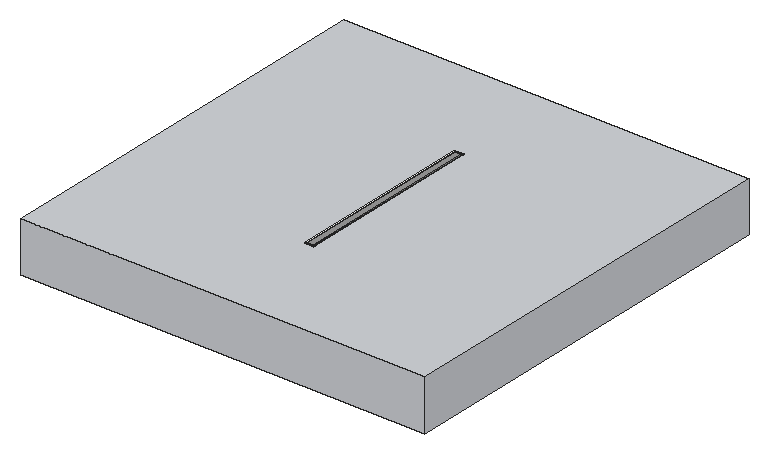
Revit family "LAMP_FIL 45 1120MM OPAL COMFORT RECESSED", category Luminarias, Revit 2018
Family settings
  Anfitrión = Cara
  Cota de conector redondo = Diámetro de uso
  Tipo de pieza = Normal
  Corte con vacíos al cargar = No
  Origen de luz = Sí
  Compartido = No
  Punto de cálculo de habitación = No
Parameters (values of type "2600LM 3000K  BLACK")
  Ángulo de inclinación = -90.00°
  Weight = 2.58 kg
  Wattage = 17.5 W
  Type = "MID POWER TRIDONIC"
  built-in parameter 1150107 = 3000 (stored number, unit not read)
  Recessed dimensions = "1126x51x0"
  built-in parameter 1150110 = 1 (stored number, unit not read)
  built-in parameter 1150109 = 1 (stored number, unit not read)
  built-in parameter 1150112 = 1 (stored number, unit not read)
  built-in parameter 1150113 = 1 (stored number, unit not read)
  built-in parameter 1114218 = 1 (stored number, unit not read)
  Protection rating = "IP20 / IK07"
  Product datasheet = "http://www.lamp.es/product-files/TECH/F41RE112MOPR830NB-EN.pdf"
  Product code = "F41RE112MOPR830NB"
  Product URL = "https://www.lamp.es/en/family/fil-45_413951"
  Power Supply = "220-240V 50/60Hz"
  Power = 16 W
  Plum = 17.5 W
  Photobiological risk = ""
  NOT COVER 2 [instance] = not(END COVER 2)  # no
  NOT COVER 1 [instance] = not(END COVER 1)  # no
  built-in parameter 1150137 = (empty or 0)
  built-in parameter 1150132 = 2
  Modelo = Product code  # "F41RE112MOPR830NB"
  Model Explanation = ""
  Material suspension = LAMP_Acero genérico
  Material perfil = LAMP_Aluminio Perfil Fil NG
  Material difusor = LAMP_PC Difusor Opal Fil
  Manufacturer name = "LAMP"
  Manufacturer country = "Spain"
  Manufacturer URL = "http://www.lamp.es/en"
  MacAdam = "3"
  Longitud de línea de emisión = 1120 mm
  Last update = "31/03/2021"
  Lamp = "MID-POWER LED"
  LED Lifetime = "70.000 L80 B10"
  built-in parameter 1150105 = 635.54 (stored number, unit not read)
  built-in parameter 1150102 = (empty or 0)
  Insulation class = "I"
  Installation instructions = "https://www.lamp.es/product-files/INS/1004580-C%20INSTR.%20FIL45.pdf"
  built-in parameter 1150106 = 6.3554 (stored number, unit not read)
  IEE = "A+"
  Gear = "Electronic"
  Lumens = 1670.73 lm
  Finish = "Matte black RAL 9011"
  Color Filter = 16777215
  built-in parameter 1114217 = 1 (stored number, unit not read)
  built-in parameter 1150139 = (empty or 0)
  Fabricante = Manufacturer name  # "LAMP"
  Default Elevation = 1219.2 mm
  built-in parameter 1150104 = 8.8695 (stored number, unit not read)
  Efficacy = 95.47 lm/W
  END COVER 2 [instance] = yes
  END COVER 1 [instance] = yes
  Dimensions = "1120x55x76"
  Descripción = "FIL45 REC 1120 2600 WW OP COMF BK."
  built-in parameter 1150115 = 1 (stored number, unit not read)
  built-in parameter 1150114 = 1 (stored number, unit not read)
  built-in parameter 1150138 = (empty or 0)
  built-in parameter 1150134 = 3
  Dimming Lamp Color Temperature Shift = (empty or 0)
  CRI = "80"
  Archivo de red fotométrica = "F41RE112MOPR830NB.IES"
  built-in parameter 1150133 = 10 (stored number, unit not read)
Types (12, lengths in mm): name | Weight | Wattage | built-in parameter 1150107 | Product datasheet | Product code | Plum | Modelo | Material perfil | built-in parameter 1150105 | built-in parameter 1150106 | Lumens | Finish | built-in parameter 1150104 | Efficacy | Descripción | Archivo de red fotométrica
  2600LM 3000K DALI BLACK | 2.726 kg | 17.5 W | 3000 (stored number, unit not read) | "http://www.lamp.es/product-files/TECH/F41RE112MOPR830DB-EN.pdf" | "F41RE112MOPR830DB" | 17.5 W | "F41RE112MOPR830DB" | LAMP_Aluminio Perfil Fil NG | 635.54 (stored number, unit not read) | 6.3554 (stored number, unit not read) | 1670.73 lm | "Matte black RAL 9011" | 8.8695 (stored number, unit not read) | 95.47 lm/W | "FIL45 REC 1120 2600 WW OP COMF DALI BK." | "F41RE112MOPR830nB.IES"
  2600LM 3000K DALI GREY | 2.726 kg | 17.5 W | 3000 (stored number, unit not read) | "http://www.lamp.es/product-files/TECH/F41RE112MOPR830DG-EN.pdf" | "F41RE112MOPR830DG" | 18.5 W | "F41RE112MOPR830DG" | LAMP_Aluminio Perfil Fil GR | 635.54 (stored number, unit not read) | 6.3554 (stored number, unit not read) | 1670.73 lm | "Gloss grey" | 8.8695 (stored number, unit not read) | 90.31 lm/W | "FIL45 REC 1120 2600 WW OP COMF DALI GR." | "F41RE112MOPR830nG.IES"
  2600LM 3000K DALI WHITE | 2.726 kg | 17.5 W | 3000 (stored number, unit not read) | "http://www.lamp.es/product-files/TECH/F41RE112MOPR830DW-EN.pdf" | "F41RE112MOPR830DW" | 17.5 W | "F41RE112MOPR830DW" | LAMP_Aluminio Perfil Fil BL | 635.54 (stored number, unit not read) | 6.3554 (stored number, unit not read) | 1670.73 lm | "Matte white RAL 9010" | 8.8695 (stored number, unit not read) | 95.47 lm/W | "FIL45 REC 1120 2600 WW OP COMF DALI WH." | "F41RE112MOPR830nW.IES"
  2600LM 3000K  BLACK | 2.58 kg | 17.5 W | 3000 (stored number, unit not read) | "http://www.lamp.es/product-files/TECH/F41RE112MOPR830NB-EN.pdf" | "F41RE112MOPR830NB" | 17.5 W | "F41RE112MOPR830NB" | LAMP_Aluminio Perfil Fil NG | 635.54 (stored number, unit not read) | 6.3554 (stored number, unit not read) | 1670.73 lm | "Matte black RAL 9011" | 8.8695 (stored number, unit not read) | 95.47 lm/W | "FIL45 REC 1120 2600 WW OP COMF BK." | "F41RE112MOPR830NB.IES"
  2600LM 3000K  GREY | 2.58 kg | 17.5 W | 3000 (stored number, unit not read) | "http://www.lamp.es/product-files/TECH/F41RE112MOPR830NG-EN.pdf" | "F41RE112MOPR830NG" | 17.5 W | "F41RE112MOPR830NG" | LAMP_Aluminio Perfil Fil GR | 635.54 (stored number, unit not read) | 6.3554 (stored number, unit not read) | 1670.73 lm | "Gloss grey" | 8.8695 (stored number, unit not read) | 95.47 lm/W | "FIL45 REC 1120 2600 WW OP COMF GR." | "F41RE112MOPR830NG.IES"
  2600LM 3000K  WHITE | 2.58 kg | 17.5 W | 3000 (stored number, unit not read) | "http://www.lamp.es/product-files/TECH/F41RE112MOPR830NW-EN.pdf" | "F41RE112MOPR830NW" | 17.5 W | "F41RE112MOPR830NW" | LAMP_Aluminio Perfil Fil BL | 635.54 (stored number, unit not read) | 6.3554 (stored number, unit not read) | 1670.73 lm | "Matte white RAL 9010" | 8.8695 (stored number, unit not read) | 95.47 lm/W | "FIL45 REC 1120 2600 WW OP COMF WH." | "F41RE112MOPR830NW.IES"
  2600LM 4000K DALI BLACK | 2.726 kg | 17.5 W | 4000 (stored number, unit not read) | "http://www.lamp.es/product-files/TECH/F41RE112MOPR840DB-EN.pdf" | "F41RE112MOPR840DB" | 18.5 W | "F41RE112MOPR840DB" | LAMP_Aluminio Perfil Fil NG | 667.16 (stored number, unit not read) | 6.6716 (stored number, unit not read) | 1753.85 lm | "Matte black RAL 9011" | 9.3107 (stored number, unit not read) | 94.81 lm/W | "FIL45 REC 1120 2600 NW OP COMF DALI BK." | "F41RE112MOPR840nB.IES"
  2600LM 4000K DALI GREY | 2.726 kg | 17.5 W | 4000 (stored number, unit not read) | "http://www.lamp.es/product-files/TECH/F41RE112MOPR840DG-EN.pdf" | "F41RE112MOPR840DG" | 18.5 W | "F41RE112MOPR840DG" | LAMP_Aluminio Perfil Fil GR | 667.16 (stored number, unit not read) | 6.6716 (stored number, unit not read) | 1753.85 lm | "Gloss grey" | 9.3107 (stored number, unit not read) | 94.81 lm/W | "FIL45 REC 1120 2600 NW OP COMF DALI GR." | "F41RE112MOPR840nG.IES"
  2600LM 4000K DALI WHITE | 2.726 kg | 17.5 W | 4000 (stored number, unit not read) | "http://www.lamp.es/product-files/TECH/F41RE112MOPR840DW-EN.pdf" | "F41RE112MOPR840DW" | 17.5 W | "F41RE112MOPR840DW" | LAMP_Aluminio Perfil Fil BL | 667.16 (stored number, unit not read) | 6.6716 (stored number, unit not read) | 1753.85 lm | "Matte white RAL 9010" | 9.3107 (stored number, unit not read) | 100.22 lm/W | "FIL45 REC 1120 2600 NW OP COMF DALI WH." | "F41RE112MOPR840nW.IES"
  2600LM 4000K  BLACK | 2.58 kg | 17.5 W | 4000 (stored number, unit not read) | "http://www.lamp.es/product-files/TECH/F41RE112MOPR840NB-EN.pdf" | "F41RE112MOPR840NB" | 17.5 W | "F41RE112MOPR840NB" | LAMP_Aluminio Perfil Fil NG | 667.16 (stored number, unit not read) | 6.6716 (stored number, unit not read) | 1753.85 lm | "Matte black RAL 9011" | 9.3107 (stored number, unit not read) | 100.22 lm/W | "FIL45 REC 1120 2600 NW OP COMF BK." | "F41RE112MOPR840NB.IES"
  2600LM 4000K  GREY | 2.58 kg | 17.5 W | 4000 (stored number, unit not read) | "http://www.lamp.es/product-files/TECH/F41RE112MOPR840NG-EN.pdf" | "F41RE112MOPR840NG" | 17.5 W | "F41RE112MOPR840NG" | LAMP_Aluminio Perfil Fil GR | 667.16 (stored number, unit not read) | 6.6716 (stored number, unit not read) | 1753.85 lm | "Gloss grey" | 9.3107 (stored number, unit not read) | 100.22 lm/W | "FIL45 REC 1120 2600 NW OP COMF GR." | "F41RE112MOPR840NG.IES"
  2600LM 4000K  WHITE | 2.58 kg | 13.3 W | 4000 (stored number, unit not read) | "http://www.lamp.es/product-files/TECH/F41RE112MOPR840NW-EN.pdf" | "F41RE112MOPR840NW" | 17.5 W | "F41RE112MOPR840NW" | LAMP_Aluminio Perfil Fil BL | 507.04 (stored number, unit not read) | 5.0704 (stored number, unit not read) | 1332.93 lm | "Matte white RAL 9010" | 9.3107 (stored number, unit not read) | 100.22 lm/W | "FIL45 REC 1120 2600 NW OP COMF WH." | "F41RE112MOPR840NW.IES"
Reference planes
  plane 1 "Centro (Frontal/Posterior)": y = 0
  plane 2: z = 0
  plane 3 "Centro (Izquierda/Derecha)": x = 0
Forms (mm)
  Extrusion 1, solid
    sketch origin (0, 0, 0) x (1, 0, 0) y (0, 1, 0)
      loop
        line (-1219.2, 1219.2) -> (-1219.2, -1219.2) -> (1219.2, -1219.2) -> (1219.2, 1219.2) -> (-1219.2, 1219.2)
    from 0 to -304.8
  Extrusion 2, solid, material "LAMP_Aluminio Perfil Fil NG" <- "Material perfil"
    sketch origin (0, 0, -281.8) x (1, 0, 0) y (0, 0, 1)
      loop
        line (17.8, 259) -> (0, 259) -> (-17.8, 259) -> (-21.5, 259) -> (-21.5, 283) -> (-27.5, 283) -> (-27.5, 281.8) -> (-22.5, 281.8) -> (-22.5, 206.5) -> (22.5, 206.5) -> (22.5, 281.8) -> (27.5, 281.8) -> (27.5, 283) -> (21.5, 283) -> (21.5, 259) -> (17.8, 259)
    from -560 to 560
  Extrusion 3, solid, material "LAMP_PC Difusor Opal Fil" <- "Material difusor"
    sketch origin (0, 0, -281.8) x (1, 0, 0) y (0, 0, 1)
      loop
        line (-21.5, 283) -> (-21.5, 281.8) -> (21.5, 281.8) -> (21.5, 283) -> (-21.5, 283)
    from -560 to 560
Text (mm)
  text "Any modification of the parameters and properties of the LAMP BIM models must be executed and validated by the LAMP technical department.\nPhone: +34 93 736 68 00\nE-mail: lamp@lamp.es\n\nLAMP reserves the right to modify the technical specifications of its products." at (3249.303, 5266.069, -2786.139), in view "Preview"
Dimensions and locks
  aligned and locked: plane 2 to Extrusion 1
  aligned and locked: level to Extrusion 1
Nested families
  nested 1: "LAMP_FIL 45 END COVER RECESSED" at (0, -561, -75.3), visible <- "END COVER 1", type "Blanco"
  nested 2: "LAMP_FIL 45 END COVER RECESSED" at (0, 561, -75.3), visible <- "END COVER 2", type "Blanco"
Definition of nested family "LAMP_FIL 45 END COVER RECESSED"
  Parameters (values of type "LAMP_FIL 45 END COVER RECESSED")
    Material tapa = none
  Reference planes
    plane 1 "Centro (Frontal/Posterior)": y = 0
    plane 2: z = 0
    plane 3 "Centro (Izquierda/Derecha)": x = 0
  Forms (mm)
    Extrusion 1, solid, material <- "Material tapa"
      sketch origin (0, 0, 76.8) x (0, -1, 0) y (0, 0, -1)
        loop
          line (1, 1.5) -> (1, 76.8) -> (-1, 76.8) -> (-1, 0.3) -> (4.5, 0.3) -> (4.5, 1.5) -> (1, 1.5)
      from -27.5 to 27.5
    Extrusion 2, void
      sketch origin (0, 0, 0) x (1, 0, 0) y (0, 0, 1)
        loop
          line (27.5, 75.3) -> (22.5, 75.3) -> (22.5, 0) -> (27.5, 0) -> (27.5, 75.3)
      from -23.5 to 23.5
    Extrusion 3, void
      sketch origin (0, 0, 0) x (1, 0, 0) y (0, 0, 1)
        loop
          line (-27.5, 75.3) -> (-27.5, 0) -> (-22.5, 0) -> (-22.5, 75.3) -> (-27.5, 75.3)
      from -23.5 to 23.5
  Cuts and joins
    Extrusion 2, Extrusion 3 cuts Extrusion 1
  Dimensions and locks
    aligned and locked: level to plane 2
